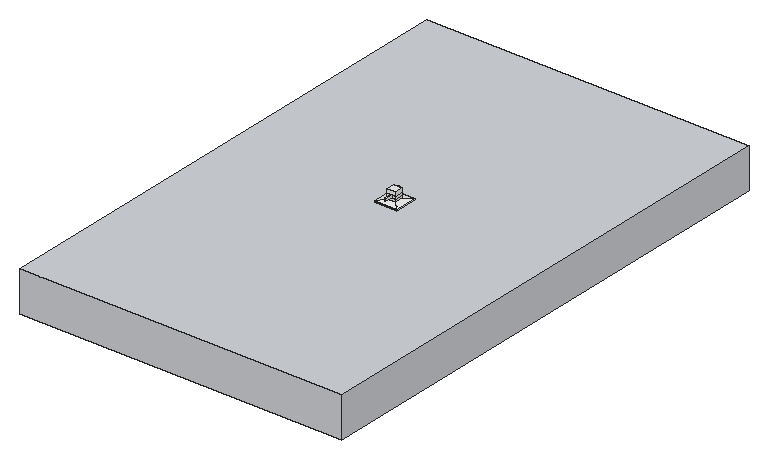
Revit family "Thermostatic_Trim-GROHE-Allure_Brilliant-19794000-Updated", category Plumbing Fixtures, host Face, Revit 2019
Family settings
  Host = Face
  Round Connector Dimension = Use Diameter
  Part Type = Normal
  OmniClass Number = 23.45.05.14.17
  OmniClass Title = Showers
  Cut with Voids When Loaded = No
  Shared = Yes
  Room Calculation Point = No
Parameters (values of type "19794000")
  Width = 6 11/16"  # constant formula
  Waste Connection = no
  Warranty Information = "Lifetime Limited Warranty"
  Warranty Documentation Link = "https://cdn.cloud.grohe.com/tpi/1000/1900/1940/1949/1949006/original/1949006.pdf"
  WFU = 0  # constant formula
  Vent Connection = no
  URL = "https://www.grohe.us/"
  Type Comments = "2-Way diverter function"
  Shipping Weight = 6.230 lbf
  Revised Date = "07/2/2021"  # constant formula
  Product Page URL = "https://www.grohe.us/Thermostatic-Valves-Trims/Dual-Function-Thermostatic-Valve-Trim-With-Control-Module/GROHE-CHROME-19794000"
  Product Documentation Link = "https://americanstandard.box.com/shared/static/ystapj4q7pcpzv4t4o4njp2rcplsuqao.pdf"
  Price = "Prices may vary. Please consult Manufacturer Representative for most up-to-date price list."  # constant formula
  Model = "19794000"
  Material = "Metal-Grohe-StarLight_Chrome"
  Manufacturer = "Grohe"
  Length [instance] = 3 7/16"
  Length Constraint [instance] = if(Length < 3 7/16", 3 7/16", if(Length > 4 5/8", 4 5/8", Length))  # 3 7/16"
  Installation Type = "Wall Mounted"
  IAPMO Compliance = "ASME A112.18.1/CSA B125.1"
  Height = 6 11/16"  # constant formula
  HWFU = 0  # constant formula
  HW Connection = no
  Flow Rate = "6.3 gpm at 45 psi (bottom outlet), 3.2 gpm at 45 psi (top outlet)"
  Finish = Metal-Grohe-StarLight_Chrome
  Description = "Allure Brilliant Dual Function Thermostatic Trim with Control Module"  # constant formula
  Default Elevation = 44"  # constant formula
  Creation Date = "06/22/2017"  # constant formula
  CWFU = 0  # constant formula
  CW Connection = no
  CEC Compliant = yes
  Assembly Code = "D2010710"
Reference planes (in)
  plane 1 "Center (Front/Back)": y = 0
  plane 2: z = 0
  plane 3 "Center (Left/Right)": x = 0
  plane 4: y = 40
  plane 5: y = -18
  plane 6: y = -39
  plane 7: y = 3.34375
  plane 8: y = -3.34375
  plane 9: x = 3.34375
  plane 10: x = -3.34375
  plane 11: z = 0.75
  plane 12: y = 1.25
  plane 13: y = -1.25
  plane 14: x = -1.25
  plane 15: x = 1.25
  plane 16: z = 3.4375
  plane 17: z = 1.38932
  plane 18: z = 1.45249
  plane 19: z = 3.20601
  plane 20: z = 2.24488
  plane 21: z = 2.18172
Forms (in)
  Extrusion 1, solid
    sketch origin (0, 0, 0) x (1, 0, 0) y (0, 1, 0)
      loop
        line (-48, 72) -> (-48, -79.70833) -> (48, -79.70833) -> (48, 72) -> (-48, 72)
    from 0 to -12
  Sweep 2, solid, material "Metal-Grohe-StarLight_Chrome" <- "Finish"
    path origin (0, 0, 0) x (1, 0, 0) y (0, 1, 0)
      loop
        line (-3.34375, 3.34375) -> (-3.34375, -3.34375) -> (3.34375, -3.34375) -> (3.34375, 3.34375) -> (-3.34375, 3.34375)
    profile origin (0, 3.34375, 0) x (0, 1, 0) y (0, 0, 1)
      loop
        line (0, 0) -> (0, 0.30718) -> (-2.09375, 0.75) -> (-2.33951, 0.75) -> (-2.33951, 0) -> (0, 0)
  Extrusion 3, solid, material "Metal-Grohe-StarLight_Chrome" <- "Finish"
    sketch origin (0, 0, 0) x (1, 0, 0) y (0, 1, 0)
      loop
        line (-1.25, 1.25) -> (-1.25, -1.25) -> (1.25, -1.25) -> (1.25, 1.25) -> (-1.25, 1.25)
    from 0 to 3.4375
  Extrusion 4, void
    sketch origin (0, 0, 0) x (1, 0, 0) y (0, 1, 0)
      loop
        line (-1.1875, 1.1875) -> (-1.1875, -1.1875) -> (1.1875, -1.1875) -> (1.1875, 1.1875) -> (-1.1875, 1.1875)
      loop
        line (-1.3125, 1.3125) -> (-1.3125, -1.3125) -> (1.3125, -1.3125) -> (1.3125, 1.3125) -> (-1.3125, 1.3125)
    from 1.38932 to 1.45249
  Extrusion 5, void
    sketch origin (0, 0, 0.79239) x (1, 0, 0) y (0, 1, 0)
      loop
        line (-1.1875, 1.1875) -> (-1.1875, -1.1875) -> (1.1875, -1.1875) -> (1.1875, 1.1875) -> (-1.1875, 1.1875)
      loop
        line (-1.3125, 1.3125) -> (-1.3125, -1.3125) -> (1.3125, -1.3125) -> (1.3125, 1.3125) -> (-1.3125, 1.3125)
    from 1.38932 to 1.45249
  Extrusion 6, solid, material "Metal-Grohe-StarLight_Chrome" <- "Finish"
    sketch origin (0, 0, 0) x (0, 1, 0) y (0, 0, 1)
      loop
        line (-3.34375, 1.45249) -> (-0.62474, 1.45249) -> (-0.62474, 2.18172) -> (-3.34375, 2.18172) -> (-3.34375, 1.45249)
      loop
        line (1.61721, 3.20601) -> (0.93777, 3.20601) -> (0.93777, 2.4259) -> (1.61721, 2.4259) -> (1.61721, 3.20601)
    from -0.12889 to 0.13131
Cuts and joins
  Extrusion 4 cuts Sweep 2
  Extrusion 4, Extrusion 5 cuts Extrusion 3
  joined: Sweep 2, Extrusion 3, Extrusion 6
Lines and regions (in)
  Masking region 1
    outline origin (0, 0, 0) x (1, 0, 0) y (0, 0, 1)
      loop
        line (3.34375, 0) -> (3.34375, 0.30718) -> (1.25, 0.75) -> (1.25, 1.38932) -> (1.1875, 1.38932) -> (1.1875, 1.45249) -> (1.25, 1.45249) -> (1.25, 2.18172) -> (1.1875, 2.18172) -> (1.1875, 2.24488) -> (1.25, 2.24488) -> (1.25, 3.4375) -> (-1.25, 3.4375) -> (-1.25, 2.24488) -> (-1.1875, 2.24488) -> (-1.1875, 2.18172) -> (-1.25, 2.18172) -> (-1.25, 1.45249) -> (-1.1875, 1.45249) -> (-1.1875, 1.38932) -> (-1.25, 1.38932) -> (-1.25, 0.75) -> (-3.34375, 0.30718) -> (-3.34375, 0) -> (3.34375, 0)
  symbolic lines, detail levels medium+fine
    curve 1: line (1.25, 0, 0.75) -> (-1.25, 0, 0.75)
  symbolic lines, detail levels fine
    curve 2: line (3.34375, 0, 0.30718) -> (-3.34375, 0, 0.30718)
    curve 3: line (1.1875, 0, 1.38932) -> (-1.1875, 0, 1.38932)
    curve 4: line (1.1875, 0, 1.45249) -> (-1.1875, 0, 1.45249)
    curve 5: line (1.1875, 0, 2.18172) -> (-1.1875, 0, 2.18172)
    curve 6: line (1.1875, 0, 2.24488) -> (-1.1875, 0, 2.24488)
    curve 7: line (0.13131, 0, 3.20601) -> (-0.12889, 0, 3.20601)
    curve 8: line (0.13131, 0, 2.4259) -> (0.13131, 0, 3.20601)
    curve 9: line (-0.12889, 0, 2.4259) -> (0.13131, 0, 2.4259)
    curve 10: line (-0.12889, 0, 3.20601) -> (-0.12889, 0, 2.4259)
Dimensions and locks (in)
  plane 1 "Center (Front/Back)" to plane 5 = 18"
  plane 5 to plane 6 = 21"
  plane 1 "Center (Front/Back)" to plane 4 = 40"
  equal spacing: plane 7, plane 1 "Center (Front/Back)", plane 8
  plane 7 to plane 8 = 6 11/16"
  plane 11 to level = 3/4"
  "Width": plane 10 to plane 9
  locked: Extrusion 1 to plane 11 at 0.75
  "Length Constraint": Extrusion 1 to plane 16
  locked: plane 17 to plane 18 at 0.06317
  cut or joined group of Sweep 2, Extrusion 3, Extrusion 4, Extrusion 5, Extrusion 6 to cut or joined group of Sweep 2, Extrusion 3, Extrusion 4, Extrusion 5, Extrusion 6 = 0.72923"
  locked: cut or joined group of Sweep 2, Extrusion 3, Extrusion 4, Extrusion 5, Extrusion 6 to cut or joined group of Sweep 2, Extrusion 3, Extrusion 4, Extrusion 5, Extrusion 6 at 0.7801  (x2)
  locked: cut or joined group of Sweep 2, Extrusion 3, Extrusion 4, Extrusion 5, Extrusion 6 to cut or joined group of Sweep 2, Extrusion 3, Extrusion 4, Extrusion 5, Extrusion 6 at 0.06317
  locked: plane 19 to plane 16 at 0.23149
  locked: plane 20 to plane 16 at 1.19262
  locked: plane 21 to plane 20 at 0.06317
  locked: plane 18 to plane 21 at 0.72923
  aligned and locked: plane 2 to Extrusion 1
  aligned and locked: level to Extrusion 1
  aligned and locked: plane 18 to cut or joined group of Sweep 2, Extrusion 3, Extrusion 4, Extrusion 5, Extrusion 6
  aligned and locked: Extrusion 6 to Extrusion 4
  aligned and locked: plane 16 to Extrusion 3
  aligned and locked: plane 19 to Extrusion 6
  aligned and locked: plane 20 to Extrusion 5
  aligned and locked: Extrusion 5 to plane 21
  aligned and locked: Extrusion 6 to plane 18
  aligned and locked: plane 18 to Extrusion 4
  aligned and locked: Extrusion 4 to plane 17
  aligned and locked: Masking region 1 to plane 16
  aligned and locked: curve 6 to plane 20
  aligned and locked: curve 5 to plane 21
  aligned and locked: plane 18 to curve 4
  aligned and locked: curve 3 to plane 17
  aligned and locked: Masking region 1 sketch curve to curve 5  (x2)
  aligned and locked: Masking region 1 sketch curve to cut or joined group of Sweep 2, Extrusion 3, Extrusion 4, Extrusion 5, Extrusion 6  (x3)
  aligned and locked: Masking region 1 sketch curve to curve 3  (x2)
  aligned and locked: Masking region 1 sketch curve to plane 18
  aligned and locked: plane 20 to Masking region 1 sketch curve
  aligned and locked: Masking region 1 sketch curve to plane 21
  aligned and locked: plane 18 to Masking region 1 sketch curve
  aligned and locked: Masking region 1 sketch curve to plane 17
Automatic sketch dimensions
  Extrusion 1 sketch curve to Extrusion 1 sketch curve = 96"
  Extrusion 1 sketch curve to Extrusion 1 sketch curve = 151.70833"
  Sweep 2 sketch curve to plane 8 = 0"
  Sweep 2 sketch curve to plane 10 = 0"
  Sweep 2 sketch curve to plane 9 = 0"
  plane 7 to Sweep 2 sketch curve = 0"
  Sweep 2 sketch curve to level = 0"
  Sweep 2 sketch curve to profile plane = 0"
  level to Sweep 2 sketch curve = 3/4"
  profile plane to Sweep 2 sketch curve = 2 3/32"
  Sweep 2 sketch curve to Sweep 2 sketch curve = 0.24576"
  level to Sweep 2 sketch curve = 0.30718"
  plane 13 to Extrusion 3 sketch curve = 0"
  Extrusion 3 sketch curve to plane 14 = 0"
  Extrusion 3 sketch curve to plane 15 = 0"
  Extrusion 3 sketch curve to plane 12 = 0"
  plane 14 to Extrusion 4 sketch curve = 1/16"
  Extrusion 4 sketch curve to plane 14 = 1/16"
  Extrusion 4 sketch curve to plane 15 = 1/16"
  plane 15 to Extrusion 4 sketch curve = 1/16"
  plane 13 to Extrusion 4 sketch curve = 1/16"
  Extrusion 4 sketch curve to plane 13 = 1/16"
  Extrusion 4 sketch curve to plane 12 = 1/16"
  plane 12 to Extrusion 4 sketch curve = 1/16"
  plane 14 to Extrusion 5 sketch curve = 1/16"
  Extrusion 5 sketch curve to plane 14 = 1/16"
  Extrusion 5 sketch curve to plane 15 = 1/16"
  plane 15 to Extrusion 5 sketch curve = 1/16"
  plane 13 to Extrusion 5 sketch curve = 1/16"
  Extrusion 5 sketch curve to plane 13 = 1/16"
  Extrusion 5 sketch curve to plane 12 = 1/16"
  plane 12 to Extrusion 5 sketch curve = 1/16"
  Extrusion 6 sketch curve to plane 8 = 0"
  plane 1 "Center (Front/Back)" to Extrusion 6 sketch curve = 0.62474"
  Extrusion 6 sketch curve to plane 12 = 0.31223"
  plane 12 to Extrusion 6 sketch curve = 0.36721"
  plane 11 to Extrusion 6 sketch curve = 0.70249"
  Extrusion 6 sketch curve to Extrusion 6 sketch curve = 0.72923"
  Extrusion 6 sketch curve to Extrusion 6 sketch curve = 0.24418"
  Extrusion 6 sketch curve to Extrusion 6 sketch curve = 0.7801"
  curve 2 to plane 10 = 0"
  curve 1 to plane 11 = 0"
  plane 14 to curve 1 = 0"
  curve 10 to plane 19 = 0"
  curve 1 to plane 15 = 0"
  plane 9 to curve 2 = 0"
  curve 10 to plane 3 "Center (Left/Right)" = 33/256"
  plane 3 "Center (Left/Right)" to curve 8 = 0.13131"
  plane 20 to curve 9 = 0.18102"
  curve 4 to plane 14 = 1/16"
  curve 5 to plane 14 = 1/16"
  curve 6 to plane 14 = 1/16"
  curve 3 to plane 14 = 1/16"
  curve 4 to plane 15 = 1/16"
  curve 3 to plane 15 = 1/16"
  curve 5 to plane 15 = 1/16"
  curve 6 to plane 15 = 1/16"
  level to curve 2 = 0.30718"
  Masking region 1 sketch curve to level = 0"
  Masking region 1 sketch curve to plane 10 = 0"
  plane 14 to Masking region 1 sketch curve = 0"  (x3)
  Masking region 1 sketch curve to plane 15 = 0"  (x3)
  Masking region 1 sketch curve to plane 11 = 0"  (x2)
  plane 9 to Masking region 1 sketch curve = 0"
  Masking region 1 sketch curve to plane 16 = 0"
  level to Masking region 1 sketch curve = 0.30718"  (x2)
